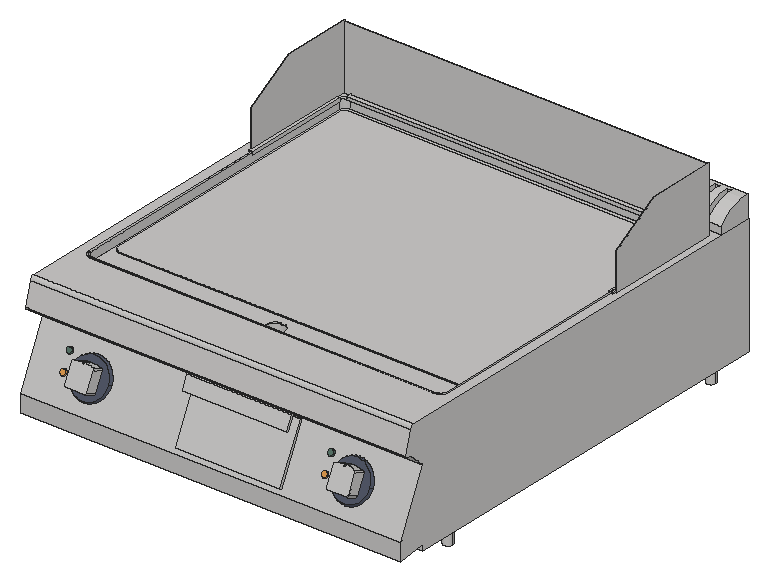
Revit family "QF_ZANUSSI_392073_Z9FTEHCS00", category Specialty Equipment, Revit 2018 (continued)
Automatic sketch dimensions
  curve 47 to curve 50 = 0 mm
  curve 123 to curve 119 = 0 mm
  curve 127 to curve 123 = 0 mm
  curve 44 to curve 46 = 0 mm
  curve 30 to curve 39 = 19.479 mm
  curve 131 to curve 131 = 57.15 mm
  curve 131 to curve 135 = 0 mm
  curve 153 to curve 129 = 0 mm
  curve 137 to curve 139 = 0 mm
  curve 149 to curve 152 = 0 mm
  curve 143 to curve 148 = 0 mm
  plane 1 "BACK" to curve 151 = 6.761 mm
  plane 1 "BACK" to curve 129 = 6.761 mm
  plane 1 "BACK" to curve 110 = 6.761 mm
  plane 1 "BACK" to curve 85 = 6.761 mm
  plane 1 "BACK" to curve 76 = 6.761 mm
  plane 1 "BACK" to curve 73 = 6.761 mm
  plane 1 "BACK" to curve 67 = 6.761 mm
  plane 1 "BACK" to curve 64 = 6.761 mm
  plane 1 "BACK" to curve 60 = 6.761 mm
  plane 1 "BACK" to curve 56 = 6.761 mm
  plane 1 "BACK" to curve 48 = 6.761 mm
  curve 1 to plane 1 "BACK" = 100 mm
  curve 13 to curve 32 = 3.351 mm
  curve 161 to curve 158 = 9.809 mm
  curve 163 to curve 162 = 0.284 mm
  curve 171 to curve 172 = 0.284 mm
  curve 167 to curve 170 = 9.809 mm
  curve 95 to plane 7 "Center Y" = 20 mm
  curve 186 to curve 183 = 9.809 mm
  curve 188 to curve 187 = 0.284 mm
  curve 178 to curve 179 = 0.284 mm
  curve 174 to curve 177 = 9.809 mm
  curve 31 to curve 14 = 3.351 mm
  curve 96 to curve 14 = 0 mm
  curve 194 to plane 5 "FRONT" = 0 mm
  curve 187 to curve 187 = 0.567 mm
  curve 178 to curve 178 = 0.567 mm
  curve 162 to curve 162 = 0.567 mm
  curve 171 to curve 171 = 0.567 mm
  curve 171 to curve 170 = 1.156 mm
  curve 194 to curve 196 = 15 mm
  curve 25 to curve 155 = 13.54 mm
  radius of Extrusion 2 sketch curve = 9.525 mm  (x4)
  radius of Extrusion 8 sketch curve = 6.35 mm
  radius of Extrusion 11 sketch curve = 20 mm
  radius of Blend 21 sketch curve = 42.5 mm
  radius of Blend 21 sketch curve = 40.5 mm
  radius of Split face 1 sketch curve = 1.5 mm
  radius of Split face 2 sketch curve = 1.5 mm
  radius of Split face 3 sketch curve = 1.5 mm
  radius of Split face 4 sketch curve = 1.5 mm
  radius of Split face 5 sketch curve = 1.5 mm
  radius of Split face 6 sketch curve = 1.5 mm
  radius of Split face 7 sketch curve = 1.5 mm
  radius of Split face 8 sketch curve = 1.5 mm
  radius of Split face 9 sketch curve = 1.5 mm
  radius of Extrusion 25 sketch curve = 6 mm
  radius of Extrusion 26 sketch curve = 6 mm
  radius of Blend 27 sketch curve = 42.5 mm
  radius of Blend 27 sketch curve = 40.5 mm
  radius of Split face 10 sketch curve = 1.5 mm
  radius of Split face 11 sketch curve = 1.5 mm
  radius of Split face 12 sketch curve = 1.5 mm
  radius of Split face 13 sketch curve = 1.5 mm
  radius of Split face 14 sketch curve = 1.5 mm
  radius of Split face 15 sketch curve = 1.5 mm
  radius of Split face 16 sketch curve = 1.5 mm
  radius of Split face 17 sketch curve = 1.5 mm
  radius of Split face 18 sketch curve = 1.5 mm
  radius of Extrusion 31 sketch curve = 6 mm
  radius of Extrusion 32 sketch curve = 6 mm
Connectors
  electrical at (740, -584, 19), driven by "Volts", driven by "Watts"
    settings: on Extrusion 8, index 1, voltage 400 V, apparent load 15000 VA, apparent load phase1 0 VA, apparent load phase2 0 VA, apparent load phase3 0 VA, power factor 1, load classification "Other", number of poles 1, system type 30, power factor state 1, is connector primary yes, connector utility no, sub classification motor no, connector description "ELECTRICAL CONNECTION"
